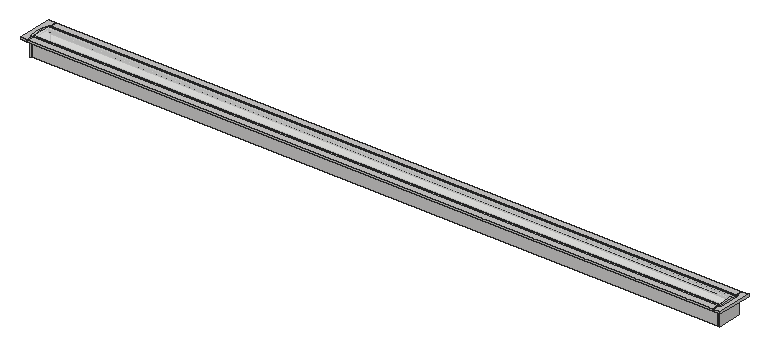
Revit family "Lighting-Luminii-Kendo_XL_Recessed NEW", category Lighting Fixtures, host Face, Revit 2020
Family settings
  Host = Face
  Round Connector Dimension = Use Diameter
  Part Type = Normal
  OmniClass Number = 23.80.70.11.14.11
  OmniClass Title = Downlights
  Cut with Voids When Loaded = No
  Light Source = Yes
  Shared = Yes
  Room Calculation Point = No
Parameters (values of type "Kendo XL Recessed")
  Width = 1 27/128"  # constant formula
  Wattage Comments = "7.3 W/ft"
  Wattage = 7.3 W
  Warranty URL = "https://www.luminii.com/terms-conditions/"
  built-in parameter 1150110 = 1 (stored number, unit not read)
  Voltage Comments = "120VAC - 277VAC"  # constant formula
  Voltage = 120 V
  Version = "2020 - v1.0a"  # constant formula
  URL = "https://www.luminii.com/"
  built-in parameter 1114217 = 1 (stored number, unit not read)
  Tilt Angle = -90.00°  # constant formula
  built-in parameter 1150109 = 1 (stored number, unit not read)
  built-in parameter 1150134 = (empty or 0)
  built-in parameter 1150113 = 1 (stored number, unit not read)
  Support Phone = "224-699-9545"  # constant formula
  Support Email = "mailto:support@bimsmith.com"
  Right Endcap [instance] = yes
  Product Page URL = "Consult Manufacturer Website for more Information"
  Power Source Type = "Driver"  # constant formula
  Power Factor = 1
  Photometric Web File = "KXL-48-30K-LL72VHO-C (40 SECTIONS)_IESNA2002.IES"
  Phase = 1
  Operating Temperature = "Consult Manufacturer Website for more Information"  # constant formula
  Number of Poles = if(and(or(Voltage = 120 V, Voltage = 277 V), Phase = 1), 1, if(and(or(Voltage = 208 V, Voltage = 240 V), Phase = 1), 2, if(and(or(Voltage = 208 V, Voltage = 240 V), Phase = 3), 3, if(and(Voltage > 300 V, Phase = 1), 2, if(and(Voltage > 400 V, Phase = 3), 3, 1)))))  # 1
  Mounting Method = "Mounting Options: Hard Surface Mounting Bracket, Gypsum Surface Mounting Bracket, No Bracket"  # constant formula
  Model = "KRXL"  # constant formula
  Manufacturer Phone Number = "403-216-7043"  # constant formula
  Manufacturer Email = "mailto: info@sensolighting.com"
  Manufacturer Address = "302 50 Ave SE. Calgary, Alberta, T2G 2A9 Canada"  # constant formula
  Manufacturer = "Luminii"  # constant formula
  built-in parameter 1150105 = 227.12 (stored number, unit not read)
  Lumens = 525.6 lm
  Luminaire Type = "Linear Illumination System"  # constant formula
  built-in parameter 1150115 = 1 (stored number, unit not read)
  Load Classification = Lighting
  built-in parameter 1150137 = (empty or 0)
  built-in parameter 1150139 = (empty or 0)
  Lens Material = Plastic - Luminii - Frosted Lens
  Length [instance] = if(Desired Length < 12", 12", if(Desired Length > 144", 144", (round(Desired Length / 2")) * 2"))  # 24"
  Left Endcap [instance] = yes
  built-in parameter 1150112 = 1 (stored number, unit not read)
  built-in parameter 1150114 = 1 (stored number, unit not read)
  Lamp Life = 1
  Lamp = "LED"  # constant formula
  Keynote = "26 50 00"
  built-in parameter 1150132 = (empty or 0)
  built-in parameter 1150102 = (empty or 0)
  built-in parameter 1150107 = 3000 (stored number, unit not read)
  Initial Color Comments = "Perfomance based on 3000K Photometric Web File"  # constant formula
  built-in parameter 1150138 = (empty or 0)
  built-in parameter 1150106 = 2.2712 (stored number, unit not read)
  Housing Protection Rating = "Consult Manufacturer Website for more Information"  # constant formula
  Height = 161/256"  # constant formula
  Has Dimming = 1 = 1  # yes
  Has Battery Backup = 0 = 1  # no
  Frequency Comments = ""  # constant formula
  Frequency = 60 Hz
  Finish = Metal - Luminii - Silver Anodized Aluminum
  Environment = "Indoor"  # constant formula
  Emit from Line Length = 48"
  built-in parameter 1150104 = 6.689 (stored number, unit not read)
  Dimming Type = "Consult Manufacturer Website for more Information"  # constant formula
  Dimming Lamp Color Temperature Shift = <None>
  Desired Length [instance] = 24"
  Description = "Linear Illumination System"  # constant formula
  Default Elevation = 0"  # constant formula
  Current Amps = 50 A
  Copyright = "©2024 Luminii"  # constant formula
  Control Zone = "Consult Manufacturer Website for more Information"  # constant formula
  Control Type = "Consult Manufacturer Website for more Information"  # constant formula
  Constraints = 1  # constant formula
  Color Filter = 16777215
  built-in parameter 1114216 [instance] = 0  # (empty or 0)
  built-in parameter 1140040 [instance] = 1 = 1  # 1
  CCT = "3000K"
  C Right End [instance] = if(Right Endcap, 61/256", 0")  # 61/256"
  C Left End [instance] = if(Left Endcap, 61/256", 0")  # 61/256"
  built-in parameter 1114218 = 1 (stored number, unit not read)
  built-in parameter 1150133 = 10 (stored number, unit not read)
  Assembly Code = "D5040.50"
  Apparent Load = Wattage / Power Factor  # 7.3 VA
Reference planes (in)
  plane 1 "Center (Front/Back)": y = 0
  plane 2: z = 0
  plane 3 "Center (Left/Right)": x = 0
  plane 4: x = 0
  plane 5: x = 0
  plane 6: y = 0.60547
  plane 7: y = -0.60547
  plane 8: x = -12
  plane 9: x = 12
  plane 10: z = -0.56791
  plane 11: z = 0.061
Forms (in)
  Extrusion 1, solid, material "Metal - Luminii - Silver Anodized Aluminum", not visible
    sketch origin (0, 0, -0.01563) x (1, 0, 0) y (0, 1, 0)
      loop
        circle (0, 0) r 0.03125
    from -0.55228 to -0.52049
  Extrusion 2, void
    sketch origin (0, 1.24288, 2.36) x (0, 1, 0) y (-1, 0, 0)
      loop
        line (-0.63742, 11.76172) -> (-1.84835, 11.76172) -> (-1.84835, -11.76172) -> (-0.63742, -11.76172) -> (-0.63742, 11.76172)
    from -2.92791 to -2.36
Dimensions and locks (in)
  equal spacing: plane 4, plane 3 "Center (Left/Right)", plane 5
  equal spacing: plane 6, plane 1 "Center (Front/Back)", plane 7
  plane 4 to plane 5 = 0"
  "Width": plane 6 to plane 7
  equal spacing: plane 8, plane 3 "Center (Left/Right)", plane 9
  "Length": plane 8 to plane 9
  plane 2 to Extrusion 1 = 0.53611"
  locked: plane 11 to plane 2 at 0.061
  "Height": plane 10 to plane 11
  locked: plane 10 to Extrusion 1 at 0.03179
  plane 1 "Center (Front/Back)" to imposter light = 0"
  "C Right End": Extrusion 2 sketch curve to plane 9
  "C Left End": plane 8 to Extrusion 2 sketch curve
  aligned and locked: plane 2 to host face
  aligned and locked: plane 3 "Center (Left/Right)" to Extrusion 1 sketch curve
  aligned and locked: imposter light to plane 3 "Center (Left/Right)"
  aligned and locked: plane 1 "Center (Front/Back)" to Extrusion 1 sketch curve
  aligned and locked: plane 10 to Extrusion 1
  aligned and locked: plane 10 to Extrusion 2
  aligned and locked: plane 2 to Extrusion 2
  aligned and locked: Extrusion 2 sketch curve to plane 6
  aligned and locked: plane 7 to Extrusion 2 sketch curve
  aligned and locked: imposter light to plane 11
  aligned and locked: plane 1 "Center (Front/Back)" to imposter light
Automatic sketch dimensions
  host sketch curve to host sketch curve = 96"  (x2)
  radius of Extrusion 1 sketch curve = 1/32"
Nested families (in)
  nested 1: "Nested Lamp" at (0, 0, 0), type "Nested Lamp"
Connectors (in)
  electrical at (0, 0, -0.56791), driven by "Number of Poles", driven by "Load Classification", driven by "Voltage", driven by "Apparent Load", driven by "Power Factor"
    settings: on Extrusion 1, index 1, voltage 120 V, apparent load 7.3 VA, apparent load phase1 0 VA, apparent load phase2 0 VA, apparent load phase3 0 VA, power factor 1, load classification "Lighting", number of poles 1, system type 30, power factor state 1, is connector primary yes, connector utility no, sub classification motor no, connector description "Power Connection"
Definition of nested family "Nested Lamp"
  Parameters (values of type "Nested Lamp")
    Right Cap = yes
    Lens = none
    Length = 24"
    Left Cap = yes
    Finish = none
    Default Elevation = 48"
    C Right Endcap = if(Right Cap, 61/256", 0")  # 61/256"
    C Left Endcap = if(Left Cap, 61/256", 0")  # 61/256"
  Reference planes (in)
    plane 1 "Center (Front/Back)": y = 0
    plane 2: z = 0
    plane 3 "Center (Left/Right)": x = 0
    plane 4: x = -11.76172
    plane 5: x = 11.76172
    plane 6: x = 12
    plane 7: x = -12
  Forms (in)
    Extrusion 1, solid
      sketch origin (0, 0, 0) x (1, 0, 0) y (0, 1, 0)
        loop
          line (-48, 48) -> (-48, -48) -> (48, -48) -> (48, 48) -> (-48, 48)
      from 0 to -12
    Sweep 2, solid, material <- "Finish", detail levels coarse
      path origin (0, 0, 0) x (1, 0, 0) y (0, 1, 0)
        loop
          line (-11.76172, 0) -> (11.76172, 0)
      profile origin (0, 0, 0) x (0, 1, 0) y (0, 0, 1)
        loop
          line (0.604, 0.06295) -> (0.3675, 0.06295) -> (0.3675, -0.37215) -> (-0.3675, -0.37215) -> (-0.3675, 0.06295) -> (-0.604, 0.06295) -> (-0.604, 0) -> (-0.416, 0) -> (-0.416, -0.548) -> (0.416, -0.548) -> (0.416, 0) -> (0.604, 0) -> (0.604, 0.06295)
    Sweep 3, solid, material <- "Lens", detail levels medium+fine
      path origin (0, 0, 0) x (1, 0, 0) y (0, 1, 0)
        loop
          line (-11.76172, 0) -> (11.76172, 0)
      profile origin (0, 0, 0) x (0, 1, 0) y (0, 0, 1)
        loop
          arc (0.32698, 0.05691) -> (-0.00018, 0.0827) -> (-0.32734, 0.05691) r 2.08809
          arc (-0.32734, 0.05691) -> (-0.34957, 0.04305) -> (-0.35575, 0.01728) r 0.03463
          line (-0.35575, 0.01728) -> (-0.3246, 0.02055)
          arc (-0.3246, 0.02055) -> (-0.30148, 0.01073) -> (-0.29755, -0.01408) r 0.02591
          line (-0.29755, -0.01408) -> (-0.33041, -0.08455)
          arc (-0.33041, -0.08455) -> (-0.32218, -0.10714) -> (-0.29959, -0.09892) r 0.017
          line (-0.29959, -0.09892) -> (-0.26402, -0.02264)
          arc (-0.26402, -0.02264) -> (-0.2597, 0.0037) -> (-0.26973, 0.02845) r 0.04937
          arc (-0.26973, 0.02845) -> (0.00001, 0.04355) -> (0.26976, 0.02849) r 2.41865
          arc (0.26976, 0.02849) -> (0.2597, 0.00373) -> (0.26402, -0.02264) r 0.04937
          line (0.26402, -0.02264) -> (0.29959, -0.09892)
          arc (0.29959, -0.09892) -> (0.32218, -0.10714) -> (0.33041, -0.08455) r 0.017
          line (0.33041, -0.08455) -> (0.29755, -0.01408)
          arc (0.29755, -0.01408) -> (0.30148, 0.01073) -> (0.3246, 0.02055) r 0.02591
          line (0.3246, 0.02055) -> (0.35575, 0.01728)
          arc (0.35575, 0.01728) -> (0.34957, 0.04305) -> (0.32698, 0.05691) r 0.03463
    Sweep 4, solid, material <- "Finish", detail levels medium+fine
      path origin (0, 0, 0) x (1, 0, 0) y (0, 1, 0)
        loop
          line (-11.76172, 0) -> (11.76172, 0)
      profile origin (0, 0, 0) x (0, 1, 0) y (0, 0, 1)
        loop
          line (0.416, 0) -> (0.604, 0) -> (0.604, 0.06295) -> (0.3675, 0.06295) -> (0.3675, 0) -> (0.32916, 0.01788)
          arc (0.32916, 0.01788) -> (0.30484, 0.01104) -> (0.30798, -0.01402) r 0.01936
          arc (0.30798, -0.01402) -> (0.32222, -0.06357) -> (0.3186, -0.115) r 0.14806
          line (0.3186, -0.115) -> (0.35, -0.115) -> (0.35, -0.37215) -> (-0.35, -0.37215) -> (-0.35, -0.115) -> (-0.3186, -0.115)
          arc (-0.3186, -0.115) -> (-0.32222, -0.06357) -> (-0.30798, -0.01402) r 0.14806
          arc (-0.30798, -0.01402) -> (-0.30484, 0.01104) -> (-0.32916, 0.01788) r 0.01936
          line (-0.32916, 0.01788) -> (-0.3675, 0) -> (-0.3675, 0.06295) -> (-0.604, 0.06295) -> (-0.604, 0) -> (-0.416, 0) -> (-0.416, -0.548) -> (-0.296, -0.548) -> (-0.296, -0.488) -> (-0.356, -0.488) -> (-0.356, -0.428) -> (0.356, -0.428) -> (0.356, -0.488) -> (0.296, -0.488) -> (0.296, -0.548) -> (0.416, -0.548) -> (0.416, 0)
    Sweep 5, solid, material <- "Lens", detail levels coarse
      path origin (0, 0, 0) x (1, 0, 0) y (0, 1, 0)
        loop
          line (-11.76172, 0) -> (11.76172, 0)
      profile origin (0, 0, 0) x (0, 1, 0) y (0, 0, 1)
        loop
          line (0.3675, -0.37215) -> (0.3675, 0.06295) -> (-0.3675, 0.06295) -> (-0.3675, -0.37215) -> (0.3675, -0.37215)
    Sweep 6, solid, material <- "Finish", visible <- "Right Cap"
      path origin (0, 0, 0) x (1, 0, 0) y (0, 1, 0)
        loop
          line (11.76172, 0) -> (11.82172, 0)
      profile origin (11.79172, 0, 0) x (0, 1, 0) y (0, 0, 1)
        loop
          line (0.416, 0) -> (0.3675, 0) -> (0.3675, 0.06295)
          arc (0.3675, 0.06295) -> (0, 0.10764) -> (-0.3675, 0.06295) r 1.53323
          line (-0.3675, 0.06295) -> (-0.3675, 0) -> (-0.416, 0) -> (-0.416, -0.548) -> (0.416, -0.548) -> (0.416, 0)
    Sweep 7, solid, material <- "Finish", visible <- "Left Cap"
      path origin (0, 0, 0) x (-1, 0, 0) y (0, 1, 0)
        loop
          line (11.76172, 0) -> (11.8125, 0)
      profile origin (-11.78711, 0, 0) x (0, -1, 0) y (0, 0, 1)
        loop
          line (-0.416, 0) -> (-0.416, -0.548) -> (0.416, -0.548) -> (0.416, 0) -> (0.3675, 0) -> (0.3675, 0.06295)
          arc (0.3675, 0.06295) -> (0, 0.10764) -> (-0.3675, 0.06295) r 1.53323
          line (-0.3675, 0.06295) -> (-0.3675, 0) -> (-0.416, 0)
    Extrusion 8, solid, material <- "Finish", visible <- "Right Cap"
      sketch origin (0, 0, 0) x (1, 0, 0) y (0, 1, 0)
        loop
          line (11.76172, 0.604) -> (11.76172, -0.604) -> (12, -0.604) -> (12, 0.604) -> (11.76172, 0.604)
      from 0 to 0.06295
    Extrusion 9, solid, material <- "Finish", visible <- "Left Cap"
      sketch origin (0, 0, 0) x (-1, 0, 0) y (0, -1, 0)
        loop
          line (11.76172, -0.604) -> (12, -0.604) -> (12, 0.604) -> (11.76172, 0.604) -> (11.76172, -0.604)
      from 0 to 0.06295
  Dimensions and locks (in)
    "Length": plane 7 to plane 6
    "C Left Endcap": plane 7 to plane 4
    "C Right Endcap": plane 5 to plane 6
    equal spacing: plane 7, plane 3 "Center (Left/Right)", plane 6
    Sweep 6 sketch curve to Sweep 6 sketch curve to plane 6 = 0.06" locked, 0.17828" locked
    Sweep 7 sketch curve to plane 4 to Sweep 7 sketch curve = 13/256" locked, 0" locked
    locked: Extrusion 8 sketch curve to plane 6 at 0.23828
    locked: Extrusion 8 to plane 2 at 0.06295
    locked: plane 7 to Extrusion 9 sketch curve at 0.23828
    locked: Extrusion 9 to plane 2 at 0.06295
    aligned and locked: plane 2 to Extrusion 1
    aligned and locked: level to Extrusion 1
    aligned and locked: plane 4 to Sweep 2 sketch curve
    aligned and locked: plane 1 "Center (Front/Back)" to Sweep 2 sketch curve
    aligned and locked: plane 5 to Sweep 2 sketch curve
    aligned and locked: plane 5 to Sweep 3 sketch curve
    aligned and locked: plane 4 to Sweep 3 sketch curve
    aligned and locked: plane 1 "Center (Front/Back)" to Sweep 3 sketch curve
    aligned and locked: plane 1 "Center (Front/Back)" to Sweep 6 sketch curve
    aligned and locked: Sweep 7 sketch curve to plane 1 "Center (Front/Back)"
    aligned and locked: Extrusion 8 sketch curve to plane 6
    aligned and locked: Extrusion 8 to plane 2
    aligned and locked: plane 7 to Extrusion 9 sketch curve
    aligned and locked: Extrusion 9 to plane 2
    aligned and locked: plane 7 to Extrusion 9
  Automatic sketch dimensions
    Extrusion 1 sketch curve to Extrusion 1 sketch curve = 96"  (x2)
    plane 1 "Center (Front/Back)" to Sweep 4 sketch curve = 0"
    Sweep 4 sketch curve to plane 4 = 0"
    Sweep 4 sketch curve to plane 5 = 0"
    plane 1 "Center (Front/Back)" to Sweep 5 sketch curve = 0"
    Sweep 5 sketch curve to plane 4 = 0"
    Sweep 5 sketch curve to plane 5 = 0"
    level to Sweep 5 sketch curve = 0.06295"
    profile plane to Sweep 5 sketch curve = 0.3675"  (x2)
    Sweep 5 sketch curve to profile plane = 0.3675"  (x2)
    Sweep 5 sketch curve to level = 0.37215"
    plane 1 "Center (Front/Back)" to Extrusion 8 sketch curve = 0.604"
    Extrusion 8 sketch curve to plane 1 "Center (Front/Back)" = 0.604"
    Extrusion 9 sketch curve to plane 1 "Center (Front/Back)" = 0.604"
    plane 1 "Center (Front/Back)" to Extrusion 9 sketch curve = 0.604"
    Sweep 4 sketch curve to level = 0"  (x4)
    profile plane to Sweep 4 sketch curve = 0.604"
    Sweep 4 sketch curve to Sweep 4 sketch curve = 0.188"  (x2)
    Sweep 4 sketch curve to Sweep 4 sketch curve = 0.0485"
    Sweep 4 sketch curve to Sweep 4 sketch curve = 0.06"  (x8)
    Sweep 4 sketch curve to Sweep 4 sketch curve = 0.006"
    level to Sweep 4 sketch curve = 0.01788"  (x2)
    Sweep 4 sketch curve to Sweep 4 sketch curve = 0.03834"  (x2)
    level to Sweep 4 sketch curve = 0.00034"  (x2)
    Sweep 4 sketch curve to Sweep 4 sketch curve = 0.00818"  (x2)
    Sweep 4 sketch curve to Sweep 4 sketch curve = 0.0314"  (x2)
    Sweep 4 sketch curve to Sweep 4 sketch curve = 0.14362"  (x2)
    Sweep 4 sketch curve to level = 0.07905"  (x2)
    Sweep 4 sketch curve to profile plane = 0.17497"
    Sweep 4 sketch curve to profile plane = 0.296"
    Sweep 4 sketch curve to Sweep 4 sketch curve = 0.00238"
    Sweep 4 sketch curve to level = 0.115"  (x2)
    Sweep 4 sketch curve to Sweep 4 sketch curve = 0.25715"
    Sweep 4 sketch curve to Sweep 4 sketch curve = 0.05585"
    level to Sweep 4 sketch curve = 0.06295"
    Sweep 4 sketch curve to Sweep 4 sketch curve = 0.04507"
    Sweep 2 sketch curve to level = 0"  (x2)
    level to Sweep 2 sketch curve = 0.06295"  (x2)
    profile plane to Sweep 2 sketch curve = 0.604"
    Sweep 2 sketch curve to Sweep 2 sketch curve = 0.188"  (x2)
    Sweep 2 sketch curve to Sweep 2 sketch curve = 0.0485"  (x2)
    Sweep 2 sketch curve to level = 0.37215"
    Sweep 2 sketch curve to profile plane = 0.3675"
    Sweep 2 sketch curve to Sweep 2 sketch curve = 0.17585"
    level to Sweep 3 sketch curve = 0.01728"  (x2)
    profile plane to Sweep 3 sketch curve = 0.35575"
    Sweep 3 sketch curve to level = 0.08455"  (x2)
    Sweep 3 sketch curve to Sweep 3 sketch curve = 0.02534"
    level to Sweep 3 sketch curve = 0.02055"  (x2)
    Sweep 3 sketch curve to Sweep 3 sketch curve = 0.03115"  (x2)
    Sweep 3 sketch curve to level = 0.00522"  (x2)
    Sweep 3 sketch curve to Sweep 3 sketch curve = 0.00271"
    Sweep 3 sketch curve to Sweep 3 sketch curve = 0.00305"
    Sweep 3 sketch curve to Sweep 3 sketch curve = 0.01541"  (x4)
    Sweep 3 sketch curve to level = 0.00178"  (x2)
    Sweep 3 sketch curve to Sweep 3 sketch curve = 0.01312"  (x2)
    Sweep 3 sketch curve to level = 0.09892"  (x2)
    Sweep 3 sketch curve to level = 0.01408"  (x2)
    Sweep 3 sketch curve to level = 0.02264"  (x2)
    Sweep 3 sketch curve to Sweep 3 sketch curve = 0.03352"  (x2)
    profile plane to Sweep 3 sketch curve = 0.00018"
    Sweep 3 sketch curve to profile plane = 0.00019"
    Sweep 3 sketch curve to profile plane = 0.26402"
    Sweep 3 sketch curve to Sweep 3 sketch curve = 0.03557"
    Sweep 3 sketch curve to Sweep 3 sketch curve = 0.01123"
    Sweep 3 sketch curve to Sweep 3 sketch curve = 0.01278"
    Sweep 3 sketch curve to Sweep 3 sketch curve = 1.90647"
    Sweep 3 sketch curve to Sweep 3 sketch curve = 0.36971"
    Sweep 3 sketch curve to Sweep 3 sketch curve = 0.00216"  (x2)
    Sweep 3 sketch curve to Sweep 3 sketch curve = 0.00578"
    Sweep 3 sketch curve to Sweep 3 sketch curve = 0.00036"
    level to Sweep 3 sketch curve = 0.02845"
    Sweep 3 sketch curve to Sweep 3 sketch curve = 0"
    Sweep 6 sketch curve to level = 0"  (x2)
    Sweep 6 sketch curve to profile plane = 0"
    level to Sweep 6 sketch curve = 0.06295"
    profile plane to Sweep 6 sketch curve = 0.3675"
    Sweep 6 sketch curve to Sweep 6 sketch curve = 0.0485"  (x2)
    Sweep 6 sketch curve to profile plane = 0.3675"
    Sweep 6 sketch curve to Sweep 6 sketch curve = 0.548"
    Sweep 6 sketch curve to Sweep 6 sketch curve = 0.87759"
    Sweep 7 sketch curve to level = 0"  (x2)
    Sweep 7 sketch curve to profile plane = 0"
    profile plane to Sweep 7 sketch curve = 0.3675"
    Sweep 7 sketch curve to Sweep 7 sketch curve = 0.0485"  (x2)
    Sweep 7 sketch curve to profile plane = 0.3675"
    Sweep 7 sketch curve to Sweep 7 sketch curve = 0.548"
    Sweep 7 sketch curve to Sweep 7 sketch curve = 0.87759"
    level to Sweep 7 sketch curve = 0.06295"
